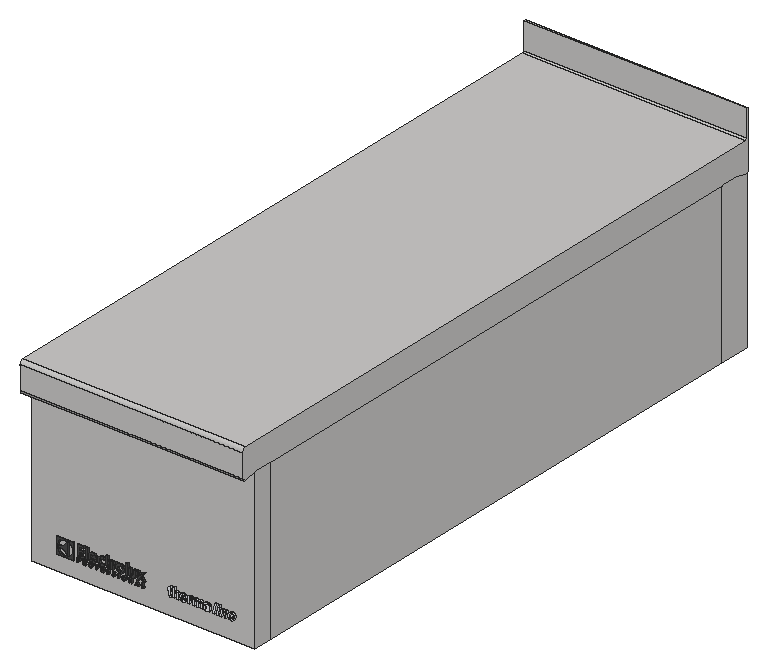
Revit family "QF_ELECTROLUXPROFESSIONAL_588562_MBNABBCOOO", category Attrezzature speciali, Revit 2020
Family settings
  Quota connettore circolare = Usa diametro
  Tipo di parte = Normale
  Basato su piano di lavoro = No
  Sempre verticale = Sì
  Taglio con vuoti quando caricato = No
  Condiviso = No
  Punto di calcolo locali = No
Parameters (values of type "Standard")
  Weight = 14.00 kg
  Watts = 0 W
  Volts = 0 V
  URL Manufacturer = "https://www.electroluxprofessional.com/"
  URL = "https://www.electroluxprofessional.com/"
  Steam Supply Size = 0"
  Steam Supply Minimum Pressure = 0.00 psi
  Steam Supply Maximum Pressure = 0.00 psi
  Steam Consumption per Hour = 0
  Refrigeration Suction Line Size = 0 mm
  Refrigeration Liquid Line Size = 0 mm
  Refrigerant Compressor Remote = yes
  Prospetto di default = 0 mm
  Phase = 0
  Modello = "MBNABBCOOO"
  Produttore = "Electrolux Professional"
  Length Actual = 300 mm  # constant formula
  Item Number = "588562"
  Hot Water Size = 0"
  Height Actual = 250 mm  # constant formula
  HP = "0 HP"
  Gas Size = 0"
  Gas KW = 0
  Gas Input Pressure = 0.0 Btu/h
  Direct Waste Size = 0"
  Descrizione = "WORK TOP,CLOSED,1-S,BACKSPL,300X850X250H"
  Depth Actual = 850 mm  # constant formula
  Cycle = 0 Hz
  Condensate Return Size = 0"
  Compressed Air Volume = 0 GPM
  Compressed Air Size = 0"
  Compressed Air Pressure = 0.00 psi
  Cold Water Size = 0"
  Accessory = yes
Reference planes
  plane 1 "BACK": y = 0
  plane 2: z = 0
  plane 3 "LEFT": x = 0
  plane 4 "RIGHT": x = 300
  plane 5 "FRONT": y = -850
  plane 6 "PLAIN": z = 900
  plane 7 "Center (Left/Right)": x = 150
  plane 8 "Center (Front/Back)": y = -425
  plane 9 "Grill": z = 888
  plane 10 "BASE": z = 650
  plane 11 "TOP": z = 938
  plane 12: x = 185
  plane 13: x = 35
Forms (mm)
  Extrusion 1, solid, material "QF_Finishes_Stainless Steel"
    sketch origin (0, 0, 650) x (0, 1, 0) y (0, 0, 1)
      loop
        line (0, 288) -> (-2, 288) -> (-2, 252)
        arc (-2, 252) -> (-2.586, 250.586) -> (-4, 250) r 2
        line (-4, 250) -> (-845, 250)
        arc (-845, 250) -> (-848.536, 248.536) -> (-850, 245) r 5
        line (-850, 245) -> (-850, 214)
        arc (-850, 214) -> (-848.571, 210.936) -> (-845.305, 210.061) r 4
        line (-845.305, 210.061) -> (-830, 212.969) -> (-20, 212.969) -> (-4.695, 210.061)
        arc (-4.695, 210.061) -> (-1.429, 210.936) -> (0, 214) r 4
        line (0, 214) -> (0, 288)
    from 0 to 300
  Extrusion 2, solid, material "QF_Finishes_Stainless Steel"
    sketch origin (150, 296.4, 1869.2) x (0, 1, 0) y (0, 0, 1)
      loop
        line (-299.4, -1009.461) -> (-316.4, -1006.231) -> (-341.4, -1006.231) -> (-341.4, -1219.2) -> (-299.4, -1219.2) -> (-299.4, -1009.461)
    from -150 to 150
  Extrusion 3, solid, material "QF_Finishes_Stainless Steel"
    sketch origin (0, 0, 650) x (0, 1, 0) y (0, 0, 1)
      loop
        line (-45, 212.969) -> (-805, 212.969) -> (-805, 0) -> (-45, 0) -> (-45, 212.969)
    from 0 to 300
  Extrusion 4, solid, material "QF_Finishes_Stainless Steel"
    sketch origin (0, 0, 0) x (0, 1, 0) y (0, 0, 1)
      loop
        line (-805, 862.969) -> (-830, 862.969) -> (-830, 650) -> (-805, 650) -> (-805, 862.969)
    from 0 to 300
Lines and regions (mm)
  symbolic lines
    curve 1: line (0, -850, 0) -> (0, 0, 0)
    curve 2: line (0, -850, 888) -> (300, -850, 888)
    curve 3: line (300, 0, 888) -> (0, 0, 888)
    curve 4: line (300, -850, 888) -> (300, 0, 888)
    curve 5: line (300, -2, 888) -> (0, -2, 888)
Dimensions and locks
  plane 3 "LEFT" to plane 4 "RIGHT" = 300 mm
  plane 5 "FRONT" to plane 1 "BACK" = 850 mm
  equal spacing: plane 3 "LEFT", plane 7 "Center (Left/Right)", plane 4 "RIGHT"
  equal spacing: plane 5 "FRONT", plane 8 "Center (Front/Back)", plane 1 "BACK"
  locked: plane 6 "PLAIN" to level at 900
  plane 6 "PLAIN" to plane 10 "BASE" = 250 mm
  plane 11 "TOP" to plane 6 "PLAIN" = 38 mm
  locked: plane 12 to plane 4 "RIGHT" at 115
  plane 13 to plane 3 "LEFT" = 35 mm
  aligned and locked: level to plane 2
  aligned and locked: Extrusion 4 to plane 3 "LEFT"
  aligned and locked: Extrusion 4 to plane 4 "RIGHT"
  aligned and locked: plane 3 "LEFT" to Extrusion 2
  aligned and locked: Extrusion 2 to plane 4 "RIGHT"
  aligned and locked: Extrusion 3 to plane 4 "RIGHT"
  aligned and locked: Extrusion 3 to plane 3 "LEFT"
  aligned and locked: Extrusion 1 to plane 3 "LEFT"
  aligned and locked: Extrusion 1 to plane 4 "RIGHT"
  aligned and locked: nested 1 to plane 12
Automatic sketch dimensions
  plane 1 "BACK" to curve 1 = 0 mm
  curve 1 to plane 3 "LEFT" = 0 mm
  plane 5 "FRONT" to curve 1 = 0 mm
  Extrusion 1 sketch curve to plane 5 "FRONT" = 0 mm
  Extrusion 1 sketch curve to plane 6 "PLAIN" = 0 mm
  Extrusion 1 sketch curve to plane 11 "TOP" = 0 mm
  Extrusion 1 sketch curve to plane 1 "BACK" = 0 mm
  Extrusion 1 sketch curve to Extrusion 1 sketch curve = 4 mm
  Extrusion 1 sketch curve to Extrusion 1 sketch curve = 0.695 mm
  Extrusion 1 sketch curve to Extrusion 1 sketch curve = 5 mm
  Extrusion 1 sketch curve to Extrusion 1 sketch curve = 15.305 mm
  plane 1 "BACK" to Extrusion 1 sketch curve = 20 mm
  plane 1 "BACK" to Extrusion 1 sketch curve = 4.695 mm
  plane 1 "BACK" to Extrusion 1 sketch curve = 4 mm  (x2)
  plane 1 "BACK" to Extrusion 1 sketch curve = 2 mm
  Extrusion 1 sketch curve to plane 9 "Grill" = 24 mm  (x2)
  Extrusion 1 sketch curve to Extrusion 1 sketch curve = 2.909 mm
  Extrusion 2 sketch curve to plane 10 "BASE" = 0 mm
  plane 1 "BACK" to Extrusion 2 sketch curve = 45 mm
  plane 1 "BACK" to Extrusion 2 sketch curve = 20 mm
  plane 1 "BACK" to Extrusion 2 sketch curve = 3 mm
  Extrusion 2 sketch curve to plane 9 "Grill" = 28.261 mm
  Extrusion 2 sketch curve to plane 9 "Grill" = 25.031 mm
  Extrusion 3 sketch curve to plane 10 "BASE" = 0 mm
  Extrusion 3 sketch curve to plane 5 "FRONT" = 45 mm
  plane 1 "BACK" to Extrusion 3 sketch curve = 45 mm
  Extrusion 3 sketch curve to plane 9 "Grill" = 25.031 mm
  curve 2 to plane 4 "RIGHT" = 0 mm
  plane 5 "FRONT" to curve 2 = 0 mm
  curve 5 to plane 3 "LEFT" = 0 mm
  plane 1 "BACK" to curve 4 = 0 mm
  curve 3 to plane 3 "LEFT" = 0 mm
  curve 2 to plane 3 "LEFT" = 0 mm
  curve 5 to curve 3 = 2 mm
  Extrusion 4 sketch curve to plane 10 "BASE" = 0 mm
  Extrusion 4 sketch curve to plane 5 "FRONT" = 20 mm
  Extrusion 4 sketch curve to Extrusion 4 sketch curve = 25 mm
  Extrusion 4 sketch curve to plane 9 "Grill" = 25.031 mm
Nested families
  nested 1: "ELX_ThermaLine_Small" at (224.867, -830, 680) x (1, 0, 0) z (0, -1, 0), type "ELX_ThermaLine_Small"
    with Show Logo yes, Material_Logo QF_Finishes_Black
  nested 2: "ELX_Professional_Logo_Small" at (94.486, -830, 682.232) x (1, 0, 0) z (0, -1, 0), type "ELX_Professional_Logo_Small"
    with Show Logo yes, Material_Logo QF_Finishes_Black
Definition of nested family "ELX_ThermaLine_Small"
  Parameters
    Show Logo [instance] = yes
    Material_Logo [instance] = none
    Default Elevation = 0 mm
  Reference planes
    plane 1 "Centro (Fronte/Retro)": y = 0
    plane 2: z = 0
    plane 3 "Centro (Sinistra/Destra)": x = 0
  Forms (mm)
    Extrusion 1, solid
      sketch origin (0, 0, 0) x (1, 0, 0) y (0, 1, 0)
        loop
          line (-1219.2, 1219.2) -> (-1219.2, -1219.2) -> (1219.2, -1219.2) -> (1219.2, 1219.2) -> (-1219.2, 1219.2)
      from 0 to -304.8
    Extrusion 2, solid
      sketch origin (0, 0, 0) x (1, 0, 0) y (0, 1, 0)
        loop
          line (-37.494, 1.229) -> (-35.908, 1.229) -> (-35.908, 3.066) -> (-37.494, 3.066) -> (-37.494, 6.221) -> (-39.867, 4.881) -> (-39.867, 3.066) -> (-40.969, 3.066) -> (-40.969, 1.229) -> (-39.867, 1.229) -> (-39.867, -3.407)
          arc (-39.867, -3.407) -> (-38.982, -5.513) -> (-36.751, -6.001) r 2.478
          line (-36.751, -6.001) -> (-35.638, -5.7) -> (-35.9, -3.835) -> (-36.661, -4.039)
          arc (-36.661, -4.039) -> (-37.236, -3.924) -> (-37.494, -3.399) r 0.662
          line (-37.494, -3.399) -> (-37.494, 1.229)
        loop
          line (-34.242, 6.539) -> (-34.242, -5.848) -> (-31.854, -5.848) -> (-31.854, -0.078)
          arc (-31.854, -0.078) -> (-30.939, 1.249) -> (-29.33, 1.367) r 1.866
          arc (-29.33, 1.367) -> (-28.695, 0.768) -> (-28.461, -0.073) r 1.627
          line (-28.461, -0.073) -> (-28.461, -5.848) -> (-26.086, -5.848) -> (-26.064, -0.46)
          arc (-26.064, -0.46) -> (-26.261, 0.932) -> (-26.786, 2.237) r 5.825
          arc (-26.786, 2.237) -> (-29.381, 3.264) -> (-31.854, 1.971) r 3.353
          line (-31.854, 1.971) -> (-31.854, 6.539) -> (-34.242, 6.539)
        loop
          arc (-18.398, -0.598) -> (-18.893, 0.879) -> (-20.326, 1.487) r 1.897
          arc (-20.326, 1.487) -> (-21.461, 0.708) -> (-21.897, -0.598) r 2.164
          line (-21.897, -0.598) -> (-18.398, -0.598)
        loop
          arc (-16.021, -2.044) -> (-16.754, 1.227) -> (-19.444, 3.226) r 4.814
          arc (-19.444, 3.226) -> (-22.137, 2.788) -> (-23.943, 0.743) r 4.054
          arc (-23.943, 0.743) -> (-24.382, -1.249) -> (-24.162, -3.276) r 6.289
          arc (-24.162, -3.276) -> (-23.302, -4.71) -> (-21.958, -5.705) r 4.28
          arc (-21.958, -5.705) -> (-18.558, -5.814) -> (-16.152, -3.409) r 4.28
          line (-16.152, -3.409) -> (-18.5, -2.995)
          arc (-18.5, -2.995) -> (-19.273, -3.994) -> (-20.533, -4.076) r 1.536
          arc (-20.533, -4.076) -> (-21.56, -3.281) -> (-21.958, -2.044) r 2.197
          line (-21.958, -2.044) -> (-16.021, -2.044)
        loop
          line (-14.165, -5.848) -> (-11.819, -5.848) -> (-11.819, -2.138)
          arc (-11.819, -2.138) -> (-11.787, -1.156) -> (-11.637, -0.185) r 8.18
          arc (-11.637, -0.185) -> (-10.644, 0.972) -> (-9.132, 0.776) r 1.603
          line (-9.132, 0.776) -> (-8.419, 2.846)
          arc (-8.419, 2.846) -> (-10.432, 3.118) -> (-11.994, 1.821) r 2.527
          line (-11.994, 1.821) -> (-11.994, 3.094) -> (-14.165, 3.094) -> (-14.165, -5.848)
        loop
          line (-7.579, 3.094) -> (-7.579, -5.848) -> (-5.178, -5.848) -> (-5.178, -0.756)
          arc (-5.178, -0.756) -> (-4.727, 0.679) -> (-3.417, 1.419) r 2.05
          arc (-3.417, 1.419) -> (-2.499, 0.908) -> (-2.155, -0.085) r 1.471
          line (-2.155, -0.085) -> (-2.155, -5.848) -> (0.23, -5.848) -> (0.23, -1.001)
          arc (0.23, -1.001) -> (0.47, 0.127) -> (1.148, 1.061) r 2.775
          arc (1.148, 1.061) -> (2.225, 1.329) -> (3.05, 0.587) r 1.182
          arc (3.05, 0.587) -> (3.199, -0.019) -> (3.214, -0.642) r 2.894
          line (3.214, -0.642) -> (3.214, -5.848) -> (5.601, -5.848) -> (5.601, 0.261)
          arc (5.601, 0.261) -> (4.87, 2.263) -> (2.976, 3.241) r 2.932
          arc (2.976, 3.241) -> (1.284, 2.973) -> (-0.047, 1.896) r 3.309
          arc (-0.047, 1.896) -> (-1.116, 2.865) -> (-2.506, 3.258) r 3.16
          arc (-2.506, 3.258) -> (-4.105, 2.942) -> (-5.376, 1.92) r 3.419
          line (-5.376, 1.92) -> (-5.376, 3.094) -> (-7.579, 3.094)
        loop
          line (7.583, 0.738) -> (9.702, 0.364)
          arc (9.702, 0.364) -> (11.441, 1.492) -> (12.855, -0.023) r 1.613
          line (12.855, -0.023) -> (9.782, -0.789)
          arc (9.782, -0.789) -> (8.559, -1.346) -> (7.617, -2.305) r 3.687
          arc (7.617, -2.305) -> (7.499, -3.681) -> (7.901, -5.003) r 3.651
          arc (7.901, -5.003) -> (9.107, -5.766) -> (10.515, -6.006) r 3.635
          arc (10.515, -6.006) -> (11.898, -5.697) -> (13.067, -4.895) r 3.734
          line (13.067, -4.895) -> (13.376, -5.848) -> (15.75, -5.848) -> (15.212, -4.193) -> (15.212, 0.38)
          arc (15.212, 0.38) -> (14.897, 1.849) -> (13.818, 2.895) r 2.585
          arc (13.818, 2.895) -> (11.792, 3.442) -> (9.719, 3.11) r 5.005
          arc (9.719, 3.11) -> (8.369, 2.178) -> (7.583, 0.738) r 3.54
        loop
          line (19.723, -5.848) -> (22.233, -5.848) -> (24.854, 6.484) -> (22.345, 6.484) -> (19.723, -5.848)
        loop
          line (24.583, -5.848) -> (26.953, -5.848) -> (28.848, 3.066) -> (26.478, 3.066) -> (24.583, -5.848)
        loop
          line (27.204, 6.484) -> (26.741, 4.305) -> (29.111, 4.305) -> (29.575, 6.484) -> (27.204, 6.484)
        loop
          line (29.355, -5.848) -> (31.849, -5.848) -> (33.098, 0.028)
          arc (33.098, 0.028) -> (34.169, 1.306) -> (35.832, 1.422) r 2.132
          arc (35.832, 1.422) -> (36.324, 0.752) -> (36.383, -0.078) r 1.5
          line (36.383, -0.078) -> (35.157, -5.848) -> (37.536, -5.848) -> (38.936, 0.738)
          arc (38.936, 0.738) -> (38.775, 2.091) -> (37.825, 3.066) r 2.118
          arc (37.825, 3.066) -> (35.392, 3.175) -> (33.295, 1.937) r 4.271
          line (33.295, 1.937) -> (33.535, 3.066) -> (31.25, 3.066) -> (29.355, -5.848)
        loop
          line (42.792, -0.64) -> (46.589, -0.64)
          arc (46.589, -0.64) -> (46.639, 0.124) -> (46.327, 0.823) r 1.589
          arc (46.327, 0.823) -> (45.117, 1.521) -> (43.762, 1.183) r 1.865
          arc (43.762, 1.183) -> (43.141, 0.344) -> (42.792, -0.64) r 3.538
        loop
          line (42.565, -2.138) -> (48.593, -2.138)
          arc (48.593, -2.138) -> (48.58, 0.597) -> (46.983, 2.818) r 4.494
          arc (46.983, 2.818) -> (44.191, 3.28) -> (41.725, 1.891) r 4.26
          arc (41.725, 1.891) -> (40.503, -0.3) -> (40.284, -2.799) r 6.003
          arc (40.284, -2.799) -> (40.959, -4.468) -> (42.377, -5.576) r 3.482
          arc (42.377, -5.576) -> (44.265, -5.961) -> (46.152, -5.576) r 4.823
          arc (46.152, -5.576) -> (47.432, -4.731) -> (48.328, -3.485) r 4.245
          line (48.328, -3.485) -> (46.168, -3.105)
          arc (46.168, -3.105) -> (45.214, -4.072) -> (43.859, -4.181) r 1.953
          arc (43.859, -4.181) -> (42.821, -3.408) -> (42.565, -2.138) r 1.81
        loop
          line (12.868, -1.553) -> (10.216, -2.214)
          arc (10.216, -2.214) -> (9.747, -3.136) -> (10.216, -4.058) r 1.14
          arc (10.216, -4.058) -> (11.537, -4.249) -> (12.614, -3.46) r 1.763
          arc (12.614, -3.46) -> (12.858, -2.522) -> (12.868, -1.553) r 3.97
      from 0 to 1.6
  Dimensions and locks
    aligned and locked: plane 2 to Extrusion 1
    aligned and locked: level to Extrusion 1
Definition of nested family "ELX_Professional_Logo_Small"
  Parameters
    Show Logo [instance] = yes
    Material_Logo [instance] = none
    Default Elevation = 0 mm
  Reference planes
    plane 1 "Centro (Fronte/Retro)": y = 0
    plane 2: z = 0
    plane 3 "Centro (Sinistra/Destra)": x = 0
  Forms (mm)
    Extrusion 1, solid
      sketch origin (0, 0, 0) x (1, 0, 0) y (0, 1, 0)
        loop
          line (-1219.2, 1219.2) -> (-1219.2, -1219.2) -> (1219.2, -1219.2) -> (1219.2, 1219.2) -> (-1219.2, 1219.2)
      from 0 to -304.8
    Extrusion 2, solid, material <- "Material_Logo"
      sketch origin (15.5, 0, 0) x (1, 0, 0) y (0, 1, 0)
        loop
          spline (-42.99, -1.24) -> (-43.195, -1.231) -> (-43.415, -1.203) -> (-43.642, -1.152) -> (-43.87, -1.074) -> (-44.095, -0.966) -> (-44.309, -0.825) -> (-44.506, -0.647) -> (-44.681, -0.429) -> (-44.828, -0.167) -> (-44.94, 0.142) -> (-45.011, 0.501) -> (-45.037, 0.915)
          line (-45.037, 0.915) -> (-45.037, 2.748) -> (-38.984, 2.748) -> (-38.984, 5.086) -> (-45.038, 5.086) -> (-45.038, 8.489) -> (-38.599, 8.489) -> (-38.599, 10.82) -> (-47.515, 10.82) -> (-47.515, 1.021)
          spline (-47.515, 1.021) -> (-47.493, 0.418) -> (-47.425, -0.15) -> (-47.311, -0.682) -> (-47.15, -1.175) -> (-46.939, -1.628) -> (-46.678, -2.038) -> (-46.365, -2.404) -> (-46, -2.723) -> (-45.58, -2.995) -> (-45.105, -3.216) -> (-44.573, -3.385) -> (-43.983, -3.499)
          line (-43.983, -3.499) -> (-43.01, -3.569) -> (-38.426, -3.569) -> (-38.426, -1.24) -> (-42.99, -1.24)
        loop
          line (-36.666, 4.021) -> (-36.666, -3.573) -> (-34.188, -3.573) -> (-34.188, 10.824) -> (-36.666, 10.824) -> (-36.666, 4.021)
        loop
          spline (-21.915, 1.897) -> (-21.957, 2.615) -> (-22.082, 3.303) -> (-22.285, 3.955) -> (-22.563, 4.564) -> (-22.913, 5.124) -> (-23.331, 5.629) -> (-23.814, 6.074) -> (-24.359, 6.451) -> (-24.961, 6.755) -> (-25.618, 6.98) -> (-26.326, 7.119) -> (-27.081, 7.167)
          spline (-27.081, 7.167) -> (-27.853, 7.122) -> (-28.586, 6.99) -> (-29.275, 6.774) -> (-29.915, 6.478) -> (-30.5, 6.104) -> (-31.024, 5.657) -> (-31.483, 5.138) -> (-31.871, 4.553) -> (-32.182, 3.904) -> (-32.411, 3.194) -> (-32.552, 2.427) -> (-32.6, 1.606)
          spline (-32.6, 1.606) -> (-32.553, 0.805) -> (-32.416, 0.057) -> (-32.193, -0.637) -> (-31.887, -1.271) -> (-31.504, -1.843) -> (-31.048, -2.35) -> (-30.523, -2.788) -> (-29.934, -3.154) -> (-29.284, -3.444) -> (-28.579, -3.656) -> (-27.822, -3.785) -> (-27.019, -3.829)
          spline (-27.019, -3.829) -> (-26.627, -3.82) -> (-26.239, -3.79) -> (-25.856, -3.739) -> (-25.477, -3.663) -> (-25.103, -3.562) -> (-24.734, -3.432) -> (-24.369, -3.273) -> (-24.01, -3.082) -> (-23.655, -2.858) -> (-23.305, -2.597) -> (-22.96, -2.299) -> (-22.621, -1.962)
          line (-22.621, -1.962) -> (-24.114, -0.509)
          spline (-24.114, -0.509) -> (-24.311, -0.699) -> (-24.509, -0.872) -> (-24.71, -1.03) -> (-24.915, -1.172) -> (-25.126, -1.297) -> (-25.346, -1.407) -> (-25.576, -1.5) -> (-25.817, -1.576) -> (-26.072, -1.636) -> (-26.342, -1.678) -> (-26.629, -1.704) -> (-26.936, -1.713)
          spline (-26.936, -1.713) -> (-27.384, -1.691) -> (-27.805, -1.625) -> (-28.196, -1.518) -> (-28.556, -1.372) -> (-28.882, -1.187) -> (-29.174, -0.966) -> (-29.429, -0.71) -> (-29.645, -0.422) -> (-29.821, -0.102) -> (-29.955, 0.247) -> (-30.045, 0.623) -> (-30.089, 1.026)
          line (-30.089, 1.026) -> (-21.956, 1.026) -> (-21.915, 1.897)
        loop
          spline (-24.446, 2.769) -> (-24.47, 3.075) -> (-24.54, 3.37) -> (-24.654, 3.65) -> (-24.807, 3.913) -> (-24.996, 4.156) -> (-25.219, 4.376) -> (-25.472, 4.57) -> (-25.753, 4.736) -> (-26.057, 4.869) -> (-26.382, 4.968) -> (-26.724, 5.03) -> (-27.081, 5.051)
          spline (-27.081, 5.051) -> (-27.464, 5.03) -> (-27.832, 4.97) -> (-28.183, 4.872) -> (-28.513, 4.74) -> (-28.819, 4.577) -> (-29.099, 4.384) -> (-29.347, 4.165) -> (-29.563, 3.923) -> (-29.742, 3.659) -> (-29.881, 3.377) -> (-29.977, 3.079) -> (-30.027, 2.769)
          line (-30.027, 2.769) -> (-24.446, 2.769)
        loop
          spline (-18.167, 1.669) -> (-18.138, 2.13) -> (-18.055, 2.567) -> (-17.921, 2.978) -> (-17.739, 3.358) -> (-17.512, 3.705) -> (-17.243, 4.016) -> (-16.937, 4.287) -> (-16.596, 4.517) -> (-16.223, 4.7) -> (-15.823, 4.835) -> (-15.398, 4.919) -> (-14.951, 4.947)
          spline (-14.951, 4.947) -> (-14.677, 4.938) -> (-14.414, 4.913) -> (-14.162, 4.871) -> (-13.921, 4.812) -> (-13.69, 4.738) -> (-13.467, 4.649) -> (-13.254, 4.544) -> (-13.048, 4.424) -> (-12.85, 4.291) -> (-12.659, 4.143) -> (-12.474, 3.981) -> (-12.295, 3.806)
          line (-12.295, 3.806) -> (-10.76, 5.403)
          spline (-10.76, 5.403) -> (-11.065, 5.709) -> (-11.38, 5.984) -> (-11.703, 6.228) -> (-12.035, 6.443) -> (-12.375, 6.63) -> (-12.723, 6.788) -> (-13.078, 6.92) -> (-13.44, 7.026) -> (-13.809, 7.107) -> (-14.184, 7.164) -> (-14.564, 7.198) -> (-14.951, 7.209)
          spline (-14.951, 7.209) -> (-15.725, 7.161) -> (-16.467, 7.02) -> (-17.169, 6.792) -> (-17.826, 6.482) -> (-18.43, 6.096) -> (-18.976, 5.637) -> (-19.455, 5.112) -> (-19.862, 4.525) -> (-20.19, 3.882) -> (-20.433, 3.189) -> (-20.584, 2.449) -> (-20.635, 1.669)
          spline (-20.635, 1.669) -> (-20.584, 0.889) -> (-20.433, 0.149) -> (-20.19, -0.545) -> (-19.862, -1.187) -> (-19.455, -1.774) -> (-18.976, -2.299) -> (-18.43, -2.758) -> (-17.826, -3.145) -> (-17.169, -3.454) -> (-16.467, -3.682) -> (-15.725, -3.823) -> (-14.951, -3.871)
          spline (-14.951, -3.871) -> (-14.564, -3.86) -> (-14.184, -3.826) -> (-13.809, -3.77) -> (-13.44, -3.689) -> (-13.078, -3.583) -> (-12.723, -3.451) -> (-12.375, -3.292) -> (-12.035, -3.105) -> (-11.703, -2.89) -> (-11.38, -2.646) -> (-11.065, -2.371) -> (-10.76, -2.066)
          line (-10.76, -2.066) -> (-12.295, -0.468)
          spline (-12.295, -0.468) -> (-12.474, -0.643) -> (-12.659, -0.805) -> (-12.85, -0.953) -> (-13.048, -1.087) -> (-13.254, -1.206) -> (-13.467, -1.311) -> (-13.69, -1.4) -> (-13.921, -1.475) -> (-14.162, -1.533) -> (-14.414, -1.575) -> (-14.677, -1.6) -> (-14.951, -1.609)
          spline (-14.951, -1.609) -> (-15.398, -1.581) -> (-15.823, -1.497) -> (-16.223, -1.362) -> (-16.596, -1.179) -> (-16.937, -0.95) -> (-17.243, -0.678) -> (-17.512, -0.367) -> (-17.739, -0.02) -> (-17.921, 0.36) -> (-18.055, 0.771) -> (-18.138, 1.208) -> (-18.167, 1.669)
        loop
          spline (-4.441, -1.243) -> (-4.659, -1.247) -> (-4.894, -1.23) -> (-5.137, -1.19) -> (-5.384, -1.121) -> (-5.628, -1.021) -> (-5.864, -0.884) -> (-6.084, -0.708) -> (-6.283, -0.488) -> (-6.454, -0.219) -> (-6.592, 0.101) -> (-6.69, 0.478) -> (-6.742, 0.914)
          line (-6.742, 0.914) -> (-6.742, 4.587) -> (-4.487, 4.587) -> (-4.487, 6.838) -> (-6.738, 6.838) -> (-6.738, 10.824) -> (-9.217, 10.824) -> (-9.217, 0.773)
          spline (-9.217, 0.773) -> (-9.164, 0.19) -> (-9.068, -0.358) -> (-8.928, -0.87) -> (-8.742, -1.343) -> (-8.511, -1.777) -> (-8.232, -2.168) -> (-7.904, -2.515) -> (-7.527, -2.816) -> (-7.098, -3.069) -> (-6.618, -3.273) -> (-6.084, -3.426) -> (-5.496, -3.525)
          line (-5.496, -3.525) -> (-4.45, -3.573) -> (-4.441, -1.243)
        loop
          spline (3.898, 6.983) -> (3.469, 7.009) -> (3.056, 7.001) -> (2.661, 6.961) -> (2.283, 6.888) -> (1.925, 6.785) -> (1.588, 6.652) -> (1.272, 6.49) -> (0.979, 6.301) -> (0.71, 6.085) -> (0.465, 5.844) -> (0.247, 5.578) -> (0.056, 5.289)
          line (0.056, 5.289) -> (0.056, 6.838) -> (-2.402, 6.838) -> (-2.402, -3.572) -> (0.056, -3.572) -> (0.056, 1.901)
          spline (0.056, 1.901) -> (0.079, 2.316) -> (0.145, 2.703) -> (0.254, 3.06) -> (0.404, 3.386) -> (0.592, 3.679) -> (0.818, 3.938) -> (1.08, 4.162) -> (1.375, 4.348) -> (1.703, 4.495) -> (2.062, 4.602) -> (2.45, 4.668) -> (2.865, 4.69)
          line (2.865, 4.69) -> (3.898, 4.586) -> (3.898, 6.983)
        loop
          spline (15.638, 1.633) -> (15.586, 2.396) -> (15.435, 3.124) -> (15.192, 3.81) -> (14.863, 4.449) -> (14.455, 5.034) -> (13.975, 5.56) -> (13.43, 6.021) -> (12.826, 6.411) -> (12.17, 6.724) -> (11.469, 6.955) -> (10.729, 7.098) -> (9.958, 7.147)
          spline (9.958, 7.147) -> (9.182, 7.098) -> (8.44, 6.955) -> (7.737, 6.724) -> (7.081, 6.411) -> (6.477, 6.021) -> (5.933, 5.56) -> (5.454, 5.034) -> (5.048, 4.449) -> (4.721, 3.81) -> (4.479, 3.124) -> (4.329, 2.396) -> (4.277, 1.633)
          spline (4.277, 1.633) -> (4.329, 0.869) -> (4.479, 0.141) -> (4.721, -0.544) -> (5.048, -1.183) -> (5.454, -1.768) -> (5.933, -2.294) -> (6.477, -2.755) -> (7.081, -3.145) -> (7.737, -3.459) -> (8.44, -3.69) -> (9.182, -3.833) -> (9.958, -3.882)
          spline (9.958, -3.882) -> (10.729, -3.833) -> (11.469, -3.69) -> (12.17, -3.459) -> (12.826, -3.145) -> (13.43, -2.755) -> (13.975, -2.294) -> (14.455, -1.768) -> (14.863, -1.183) -> (15.192, -0.544) -> (15.435, 0.141) -> (15.586, 0.869) -> (15.638, 1.633)
        loop
          spline (13.18, 1.633) -> (13.151, 2.083) -> (13.067, 2.513) -> (12.932, 2.918) -> (12.748, 3.296) -> (12.52, 3.642) -> (12.251, 3.954) -> (11.943, 4.227) -> (11.601, 4.459) -> (11.228, 4.645) -> (10.828, 4.782) -> (10.403, 4.867) -> (9.958, 4.896)
          spline (9.958, 4.896) -> (9.509, 4.867) -> (9.081, 4.782) -> (8.679, 4.645) -> (8.306, 4.459) -> (7.964, 4.227) -> (7.658, 3.954) -> (7.39, 3.642) -> (7.163, 3.296) -> (6.981, 2.918) -> (6.847, 2.513) -> (6.765, 2.083) -> (6.736, 1.633)
          spline (6.736, 1.633) -> (6.765, 1.182) -> (6.847, 0.753) -> (6.981, 0.347) -> (7.163, -0.031) -> (7.39, -0.377) -> (7.658, -0.689) -> (7.964, -0.962) -> (8.306, -1.193) -> (8.679, -1.38) -> (9.081, -1.517) -> (9.509, -1.602) -> (9.958, -1.631)
          spline (9.958, -1.631) -> (10.403, -1.602) -> (10.828, -1.517) -> (11.228, -1.38) -> (11.601, -1.193) -> (11.943, -0.962) -> (12.251, -0.689) -> (12.52, -0.377) -> (12.748, -0.031) -> (12.932, 0.347) -> (13.067, 0.753) -> (13.151, 1.182) -> (13.18, 1.633)
        loop
          line (17.162, 4.269) -> (17.162, -3.573) -> (19.642, -3.573) -> (19.642, 10.824) -> (17.162, 10.824) -> (17.162, 4.269)
        loop
          line (28.581, 6.838) -> (28.581, 0.786)
          spline (28.581, 0.786) -> (28.561, 0.393) -> (28.503, 0.038) -> (28.409, -0.279) -> (28.281, -0.559) -> (28.122, -0.802) -> (27.933, -1.011) -> (27.717, -1.185) -> (27.476, -1.325) -> (27.213, -1.433) -> (26.929, -1.509) -> (26.626, -1.554) -> (26.308, -1.569)
          spline (26.308, -1.569) -> (25.99, -1.554) -> (25.688, -1.509) -> (25.404, -1.434) -> (25.141, -1.326) -> (24.9, -1.187) -> (24.684, -1.014) -> (24.496, -0.807) -> (24.336, -0.565) -> (24.209, -0.288) -> (24.115, 0.026) -> (24.057, 0.376) -> (24.037, 0.765)
          line (24.037, 0.765) -> (24.037, 6.838) -> (21.537, 6.838) -> (21.537, 0.558)
          spline (21.537, 0.558) -> (21.581, -0.153) -> (21.71, -0.8) -> (21.916, -1.384) -> (22.195, -1.904) -> (22.54, -2.362) -> (22.944, -2.757) -> (23.403, -3.09) -> (23.909, -3.362) -> (24.456, -3.572) -> (25.04, -3.722) -> (25.652, -3.811) -> (26.288, -3.841)
          spline (26.288, -3.841) -> (26.929, -3.811) -> (27.547, -3.72) -> (28.135, -3.568) -> (28.687, -3.355) -> (29.197, -3.079) -> (29.66, -2.741) -> (30.068, -2.341) -> (30.415, -1.877) -> (30.696, -1.349) -> (30.905, -0.757) -> (31.034, -0.101) -> (31.079, 0.621)
          line (31.079, 0.621) -> (31.079, 6.838) -> (28.581, 6.838)
        loop
          line (40.457, -0.243) -> (38.894, 1.942) -> (40.83, 4.579) -> (42.488, 6.837) -> (39.782, 6.837) -> (37.53, 3.719) -> (35.258, 6.837) -> (32.573, 6.837) -> (34.113, 4.731) -> (36.167, 1.922) -> (34.014, -1.076) -> (32.222, -3.573) -> (34.887, -3.573) -> (37.53, 0.104) -> (40.174, -3.573) -> (42.839, -3.573) -> (40.457, -0.243)
        loop
          line (-46.121, -5.837) -> (-48.039, -5.837) -> (-48.039, -10.814) -> (-47.016, -10.814) -> (-47.016, -9.128) -> (-46.121, -9.128)
          arc (-46.121, -9.128) -> (-44.476, -7.482) -> (-46.121, -5.837) r 1.645
        loop
          line (-46.163, -6.778) -> (-47.016, -6.778) -> (-47.016, -8.187) -> (-46.163, -8.187)
          arc (-46.163, -8.187) -> (-45.458, -7.482) -> (-46.163, -6.778) r 0.704
        loop
          line (-38.313, -5.837) -> (-40.265, -5.837) -> (-40.265, -10.814) -> (-39.241, -10.814) -> (-39.241, -9.1) -> (-38.46, -9.182) -> (-37.48, -10.814) -> (-36.318, -10.814) -> (-37.513, -8.848)
          arc (-37.513, -8.848) -> (-36.888, -8.266) -> (-36.671, -7.441) r 1.536
          arc (-36.671, -7.441) -> (-37.165, -6.305) -> (-38.313, -5.837) r 1.643
        loop
          arc (-38.402, -8.166) -> (-37.707, -7.505) -> (-38.334, -6.778) r 0.696
          line (-38.334, -6.778) -> (-39.241, -6.778) -> (-39.241, -8.166) -> (-38.402, -8.166)
        loop
          circle (-29.965, -8.325) r 2.585
        loop
          circle (-29.965, -8.325) r 1.64
        loop
          line (-23.1, -5.837) -> (-23.1, -10.814) -> (-22.076, -10.814) -> (-22.076, -8.768) -> (-20.204, -8.768) -> (-20.204, -7.828) -> (-22.076, -7.828) -> (-22.076, -6.778) -> (-20.024, -6.778) -> (-20.024, -5.837) -> (-23.1, -5.837)
        loop
          line (-15.802, -5.837) -> (-15.802, -9.2)
          arc (-15.802, -9.2) -> (-15.343, -10.34) -> (-14.209, -10.814) r 1.593
          line (-14.209, -10.814) -> (-12.602, -10.814) -> (-12.602, -10.027) -> (-14.004, -10.027)
          arc (-14.004, -10.027) -> (-14.552, -9.8) -> (-14.779, -9.252) r 0.775
          line (-14.779, -9.252) -> (-14.779, -8.424) -> (-12.789, -8.424) -> (-12.789, -7.642) -> (-14.779, -7.642) -> (-14.779, -6.778) -> (-12.651, -6.778) -> (-12.651, -5.837) -> (-15.802, -5.837)
        loop
          line (-5.909, -7.143) -> (-5.173, -6.638)
          arc (-5.173, -6.638) -> (-5.855, -5.974) -> (-6.781, -5.755) r 1.782
          arc (-6.781, -5.755) -> (-7.397, -5.878) -> (-7.944, -6.189) r 1.974
          arc (-7.944, -6.189) -> (-8.202, -6.5) -> (-8.317, -6.888) r 1.013
          arc (-8.317, -6.888) -> (-8.306, -7.341) -> (-8.192, -7.78) r 1.985
          arc (-8.192, -7.78) -> (-7.749, -8.259) -> (-7.171, -8.563) r 1.928
          arc (-7.171, -8.563) -> (-6.637, -8.779) -> (-6.131, -9.056) r 5.041
          arc (-6.131, -9.056) -> (-5.934, -9.387) -> (-6.09, -9.74) r 0.42
          arc (-6.09, -9.74) -> (-6.631, -9.96) -> (-7.204, -9.845) r 1.016
          arc (-7.204, -9.845) -> (-7.625, -9.603) -> (-7.889, -9.196) r 1.033
          line (-7.889, -9.196) -> (-8.67, -9.686)
          arc (-8.67, -9.686) -> (-8.361, -10.198) -> (-7.908, -10.589) r 1.914
          arc (-7.908, -10.589) -> (-7.334, -10.834) -> (-6.714, -10.896) r 2.063
          arc (-6.714, -10.896) -> (-5.947, -10.743) -> (-5.256, -10.376) r 2.696
          arc (-5.256, -10.376) -> (-4.95, -9.565) -> (-5.108, -8.712) r 1.618
          arc (-5.108, -8.712) -> (-5.448, -8.319) -> (-5.884, -8.035) r 1.876
          arc (-5.884, -8.035) -> (-6.434, -7.789) -> (-6.999, -7.577) r 9.883
          arc (-6.999, -7.577) -> (-7.325, -7.07) -> (-6.854, -6.694) r 0.45
          arc (-6.854, -6.694) -> (-6.329, -6.809) -> (-5.909, -7.143) r 1.197
        loop
          line (1.61, -7.143) -> (2.345, -6.638)
          arc (2.345, -6.638) -> (1.663, -5.974) -> (0.737, -5.755) r 1.782
          arc (0.737, -5.755) -> (0.121, -5.878) -> (-0.425, -6.189) r 1.974
          arc (-0.425, -6.189) -> (-0.683, -6.5) -> (-0.799, -6.888) r 1.013
          arc (-0.799, -6.888) -> (-0.788, -7.341) -> (-0.674, -7.78) r 1.985
          arc (-0.674, -7.78) -> (-0.231, -8.259) -> (0.347, -8.563) r 1.928
          arc (0.347, -8.563) -> (0.881, -8.779) -> (1.387, -9.056) r 5.041
          arc (1.387, -9.056) -> (1.584, -9.387) -> (1.428, -9.74) r 0.42
          arc (1.428, -9.74) -> (0.887, -9.96) -> (0.314, -9.845) r 1.016
          arc (0.314, -9.845) -> (-0.107, -9.603) -> (-0.371, -9.196) r 1.033
          line (-0.371, -9.196) -> (-1.152, -9.686)
          arc (-1.152, -9.686) -> (-0.842, -10.198) -> (-0.39, -10.589) r 1.914
          arc (-0.39, -10.589) -> (0.184, -10.834) -> (0.804, -10.896) r 2.063
          arc (0.804, -10.896) -> (1.572, -10.743) -> (2.263, -10.376) r 2.696
          arc (2.263, -10.376) -> (2.568, -9.565) -> (2.411, -8.712) r 1.618
          arc (2.411, -8.712) -> (2.07, -8.319) -> (1.635, -8.035) r 1.876
          arc (1.635, -8.035) -> (1.084, -7.789) -> (0.519, -7.577) r 9.883
          arc (0.519, -7.577) -> (0.193, -7.07) -> (0.665, -6.694) r 0.45
          arc (0.665, -6.694) -> (1.189, -6.809) -> (1.61, -7.143) r 1.197
        loop
          line (6.801, -5.837) -> (6.801, -10.814) -> (7.825, -10.814) -> (7.825, -5.837) -> (6.801, -5.837)
        loop
          circle (14.724, -8.325) r 1.548
        loop
          circle (14.724, -8.325) r 2.585
        loop
          line (21.59, -10.814) -> (22.623, -10.814) -> (22.623, -7.685) -> (24.9, -10.814) -> (25.895, -10.814) -> (25.895, -5.837) -> (24.861, -5.837) -> (24.861, -9.061) -> (22.585, -5.837) -> (21.59, -5.837) -> (21.59, -10.814)
        loop
          line (31.054, -10.814) -> (31.539, -9.74) -> (33.38, -9.74) -> (33.865, -10.814) -> (34.965, -10.814) -> (32.46, -5.837) -> (29.956, -10.814) -> (31.054, -10.814)
        loop
          line (32.46, -7.698) -> (31.999, -8.719) -> (32.921, -8.719) -> (32.46, -7.698)
        loop
          line (40.047, -9.873) -> (40.047, -5.837) -> (39.024, -5.837) -> (39.024, -10.814) -> (41.961, -10.814) -> (41.961, -9.873) -> (40.047, -9.873)
        loop
          line (-74.986, -10.814) -> (-53.322, -10.814) -> (-53.322, 10.82) -> (-74.986, 10.82) -> (-74.986, -10.814)
        loop
          line (-61.261, 9.758) -> (-61.261, -9.707)
          arc (-61.261, -9.707) -> (-54.066, 0.025) -> (-61.261, 9.758) r 10.18
        loop
          line (-62.251, 8.349) -> (-62.251, 9.758)
          arc (-62.251, 9.758) -> (-70.347, 7.918) -> (-74.247, 0.59) r 9.976
          line (-74.247, 0.59) -> (-71.026, 0.59)
          arc (-71.026, 0.59) -> (-65.274, 2.925) -> (-62.251, 8.349) r 9.351
        loop
          arc (-74.247, -0.539) -> (-70.353, -7.928) -> (-62.251, -9.957) r 10.237
          line (-62.251, -9.957) -> (-62.251, -8.298)
          arc (-62.251, -8.298) -> (-65.274, -2.874) -> (-71.026, -0.539) r 9.351
          line (-71.026, -0.539) -> (-74.247, -0.539)
      from 0 to 1.644
  Dimensions and locks
    aligned and locked: plane 2 to Extrusion 1
    aligned and locked: level to Extrusion 1
